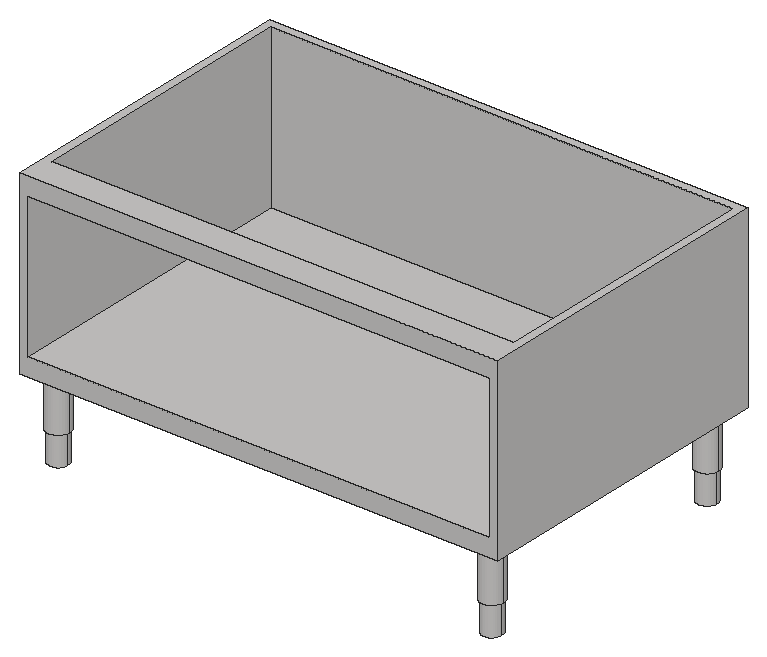
Revit family "QF_ELECTROLUXPROFESSIONAL_391328_E9BAML00O00", category Specialty Equipment, Revit 2018
Family settings
  Round Connector Dimension = Use Diameter
  Part Type = Normal
  Work Plane-Based = No
  Always vertical = Yes
  Cut with Voids When Loaded = No
  Shared = No
  Room Calculation Point = No
Parameters
  URL = ""
  Model = ""
  Manufacturer = ""
  Direct Waste Size = 0"
  Description = ""
Reference planes
  plane 1 "BACK": y = 0
  plane 2: z = 0
  plane 3 "LEFT": x = 0
  plane 4 "RIGHT": x = 1200
  plane 5 "FRONT": y = -930
  plane 6 "TOP": z = 650
  plane 7 "Center Y": x = 600
  plane 8 "Center X": y = -465
  plane 9: z = 900
  plane 10: z = 200
  plane 11: y = -128
  plane 12: y = -802
  plane 13: x = 56
  plane 14: x = 1144
Forms (mm)
  Extrusion 1, solid, material "QF_Finishes_Stainless Steel"
    sketch origin (200, -70, 200) x (-1, 0, 0) y (0, 1, 0)
      loop
        line (199.5, -783) -> (199.5, 0) -> (-999.5, 0) -> (-999.5, -783) -> (199.5, -783)
      loop
        circle (-949.5, -633) r 15
    from 0 to -45
  Extrusion 2, solid, material "QF_Finishes_Stainless Steel"
    sketch origin (200, -70, 245) x (-1, 0, 0) y (0, -1, 0)
      loop
        line (199.5, 0) -> (199.5, 783) -> (179.5, 783) -> (179.5, 20) -> (-979.5, 20) -> (-979.5, 783) -> (-999.5, 783) -> (-999.5, 0) -> (199.5, 0)
    from 0 to 405
  Extrusion 3, solid, material "QF_Finishes_Stainless Steel"
    sketch origin (1179.5, -853, 245) x (1, 0, 0) y (0, 0, 1)
      loop
        line (0, 405) -> (-1159, 405) -> (-1159, 360) -> (0, 360) -> (0, 405)
    from 0 to -75
Cuts and joins
  joined: Extrusion 1, Extrusion 2, Extrusion 3
Lines and regions (mm)
  symbolic lines
    curve 1: line (1199.5, -70, 914.5) -> (0.5, -70, 914.5)
    curve 2: line (0.5, -70, 914.5) -> (0.5, -853, 914.5)
    curve 3: line (1199.5, -853, 914.5) -> (1199.5, -70, 914.5)
    curve 4: line (0.5, -853, 914.5) -> (1199.5, -853, 914.5)
Dimensions and locks
  equal spacing: plane 3 "LEFT", plane 7 "Center Y", plane 4 "RIGHT"
  plane 3 "LEFT" to plane 4 "RIGHT" = 1200 mm
  equal spacing: plane 5 "FRONT", plane 8 "Center X", plane 1 "BACK"
  plane 5 "FRONT" to plane 1 "BACK" = 930 mm
  plane 3 "LEFT" to plane 13 = 56 mm
  locked: plane 14 to plane 4 "RIGHT" at 56
  aligned and locked: level to plane 2
  aligned and locked: Extrusion 3 to Extrusion 2
  aligned and locked: plane 14 to nested 3
  aligned and locked: plane 14 to nested 4
Automatic sketch dimensions
  plane 3 "LEFT" to curve 4 = 0.5 mm
  curve 2 to plane 11 = 58 mm
  plane 4 "RIGHT" to curve 1 = 0.5 mm
  plane 12 to curve 4 = 51 mm
  Extrusion 2 sketch curve to Extrusion 1 = 0 mm  (x3)
  Extrusion 1 to Extrusion 2 sketch curve = 0 mm  (x2)
  Extrusion 2 sketch curve to Extrusion 1 = 20 mm  (x2)
  Extrusion 2 sketch curve to Extrusion 2 sketch curve = 20 mm
  Extrusion 3 sketch curve to Extrusion 2 = 0 mm  (x2)
  Extrusion 2 to Extrusion 3 sketch curve = 45 mm
  Extrusion 3 sketch curve to Extrusion 2 = 1159 mm
  plane 4 "RIGHT" to Extrusion 1 sketch curve = 0.5 mm
  plane 3 "LEFT" to Extrusion 1 sketch curve = 0.5 mm
  Extrusion 1 sketch curve to plane 11 = 58 mm
  plane 12 to Extrusion 1 sketch curve = 51 mm
  Extrusion 1 sketch curve to plane 12 = 99 mm
  plane 4 "RIGHT" to Extrusion 1 sketch curve = 50.5 mm
  radius of Extrusion 1 sketch curve = 15 mm
Nested families
  nested 1: "Foot_Ø50_H200" at (56, -802, 0), type "Foot_Ø50_H200"
  nested 2: "Foot_Ø50_H200" at (56, -128, 0), type "Foot_Ø50_H200"
  nested 3: "Foot_Ø50_H200" at (1144, -802, 0) x (-1, 0, 0) z (0, 0, 1), type "Foot_Ø50_H200"
  nested 4: "Foot_Ø50_H200" at (1144, -128, 0) x (-1, 0, 0) z (0, 0, 1), type "Foot_Ø50_H200"
Definition of nested family "Foot_Ø50_H200"
  Reference planes
    plane 1 "Centro (Fronte/Retro)": y = 0
    plane 2: z = 0
    plane 3 "Centro (Sinistra/Destra)": x = 0
    plane 4: z = 200
  Forms (mm)
    Revolve 1, solid
      sketch origin (255.05, 0, 608.09) x (0, 0, 1) y (-1, 0, 0)
        loop
          line (-608.09, 255.05) -> (-608.09, 230.05) -> (-533.09, 230.05) -> (-533.09, 226.05) -> (-408.09, 226.05) -> (-408.09, 255.05) -> (-608.09, 255.05)
        axis (-608.09, 255.05) -> (-408.09, 255.05)
      angle from 0 to 360
  Dimensions and locks
    locked: Revolve 1 sketch curve to Revolve 1 sketch curve at 125
    aligned and locked: level to plane 2
    aligned and locked: plane 4 to Revolve 1 sketch curve
    aligned and locked: Revolve 1 sketch curve to level
    aligned and locked: plane 3 "Centro (Sinistra/Destra)" to Revolve 1 sketch curve
